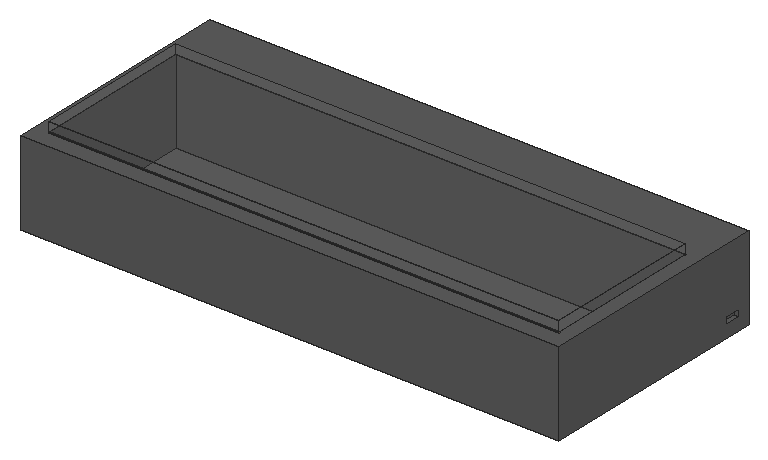
Revit family "HVAC_Fireplaces_Regency-Fireplace_Studio-electric-fireplace_ES105-ES135-ES165", category Specialty Equipment, host Face, Revit 2026
Family settings
  Host = Face
  Round Connector Dimension = Use Diameter
  Part Type = Normal
  Classification Number = 23.40.20.34.14
  Enable Cutting in Views = No
  Cut with Voids When Loaded = No
  Maintain Annotation Orientation = No
  Shared = No
  Room Calculation Point = No
Parameters (values of type "ES105")
  Width = 41"
  Voltage = 120 V
  Version = 0
  URL = "https://www.regency-fire.com/en/default.aspx"
  Product data url = "https://www.bimobject.com/regency-fireplace-products/product/es105-electric-fireplace"
  Product Page URL = "https://www.regency-fire.com/en/Products/Electric/Electric-Fireplaces/ES105"
  Product Documentation Link = "https://assets.regency-fire.com/getattachment/8596dfbb-42a2-4033-b8a0-4e5d4c6f2b9c/Studio-ES105-ES135-ES165.aspx"
  Power Factor = 1
  Power Consumption = 1500 W
  Number of Poles = 1
  Model = "ES105"
  Manufacturer = "Regency Fireplace"  # constant formula
  Housing Material = Regency Fireplace - Metal - Black
  Height = 13"  # constant formula
  Frequency = 60 Hz
  Firebed Material [instance] = Regency Fireplace - Wood - Birch Logs Firebed
  Description = "The Studio provides all of these features and so much more to create the perfect ambience at just the touch of a button, with or without the heat."  # constant formula
  Depth = 7.5"  # constant formula
  Default Elevation = 48"
  Frame = 44.25197"
  Date Updated = ""
  Date Created = ""
  Apparent Load = Power Consumption / Power Factor  # 1500 VA
Types (4): name | Width | Product data url | Product Page URL | Model | Frame
  (no name) | 41" | "https://www.bimobject.com/regency-fireplace-products/product/es105-electric-fireplace" | "https://www.regency-fire.com/en/Products/Electric/Electric-Fireplaces/ES105" | "ES105" | 44.25197"
  ES105 | 41" | "https://www.bimobject.com/regency-fireplace-products/product/es105-electric-fireplace" | "https://www.regency-fire.com/en/Products/Electric/Electric-Fireplaces/ES105" | "ES105" | 44.25197"
  ES135 | 53" | "https://www.bimobject.com/regency-fireplace-products/product/es135-electric-fireplace" | "https://www.regency-fire.com/en/Products/Electric/Electric-Fireplaces/ES135" | "ES135" | 56.06299"
  ES165 | 65" | "https://www.bimobject.com/regency-fireplace-products/product/es165-electric-fireplace" | "https://www.regency-fire.com/en/Products/Electric/Electric-Fireplaces/ES165" | "ES165" | 65.43307"
Reference planes (in)
  plane 1 "Center (Front/Back)": y = 0
  plane 2: z = 0
  plane 3 "Center (Left/Right)": x = 0
  plane 4: x = -22.12598
  plane 5: x = 22.12598
Forms (in)
  Extrusion 1, solid, material "Regency Fireplace - Metal - Black" <- "Housing Material"
    sketch origin (0, 0, 0) x (1, 0, 0) y (0, 1, 0)
      loop
        line (-22.12598, 0) -> (22.12598, 0) -> (22.12598, 19.44882) -> (-22.12598, 19.44882) -> (-22.12598, 0)
      loop
        line (-20.94488, 1.49606) -> (20.94488, 1.49606) -> (20.94488, 14.48819) -> (-20.94488, 14.48819) -> (-20.94488, 1.49606)
    from -7.71654 to -0.82677
  Extrusion 2, void
    sketch origin (0, 0, 0) x (1, 0, 0) y (0, 1, 0)
      loop
        line (-20.94488, 14.48819) -> (-20.94488, 1.49606) -> (20.94488, 1.49606) -> (20.94488, 14.48819) -> (-20.94488, 14.48819)
    from -7.71654 to 0
  Extrusion 3, solid, material "Regency Fireplace - Glass - Clear"
    sketch origin (0, 0, 0) x (1, 0, 0) y (0, 1, 0)
      loop
        line (-20.94488, 14.48819) -> (-20.94488, 1.49606) -> (20.94488, 1.49606) -> (20.94488, 14.48819) -> (-20.94488, 14.48819)
    from -0.82677 to 0
  Sweep 4, solid, material "Regency Fireplace - Wood - Birch Logs Firebed" <- "Firebed Material"
    path origin (0, 0, 0) x (1, 0, 0) y (0, 1, 0)
      loop
        line (-20.94488, 1.49606) -> (20.94488, 1.49606)
    profile origin (0, 1.49606, 0) x (0, 1, 0) y (0, 0, 1)
      loop
        line (0, -0.82677) -> (0, -7.71654) -> (0.07874, -7.71654) -> (0.07874, -0.82677) -> (0, -0.82677)
  Extrusion 5, void
    sketch origin (0, 0, 0) x (1, 0, 0) y (0, 1, 0)
      loop
        line (-22.12598, 19.44882) -> (-22.12598, 0) -> (22.12598, 0) -> (22.12598, 19.44882) -> (-22.12598, 19.44882)
    from -7.71654 to -0.82677
  Sweep 6, solid, material "Regency Fireplace - Metal - Black"
    path origin (0, 0, 0) x (1, 0, 0) y (0, 1, 0)
      loop
        line (-20.94488, 1.49606) -> (20.94488, 1.49606)
    profile origin (0, 1.49606, 0) x (0, 1, 0) y (0, 0, 1)
      loop
        line (0, -7.6378) -> (0, -7.71654) -> (12.99213, -7.71654) -> (12.99213, -7.6378) -> (0, -7.6378)
  Extrusion 7, void
    sketch origin (22.12598, 0, 0) x (0, 1, 0) y (0, 0, 1)
      loop
        line (17.12417, -6.12956) -> (17.12417, -6.72011) -> (18.50213, -6.72011) -> (18.50213, -6.12956) -> (17.12417, -6.12956)
    from -0.40678 to 0
Cuts and joins
  Extrusion 7 cuts Extrusion 1
Lines and regions (in)
  Masking region 1
    outline origin (0, 0, 0) x (1, 0, 0) y (0, 1, 0)
      loop
        line (-22.12598, 19.44882) -> (-22.12598, 0) -> (22.12598, 0) -> (22.12598, 19.44882) -> (-22.12598, 19.44882)
  Masking region 2
    outline origin (0, 0, 0) x (1, 0, 0) y (0, 1, 0)
      loop
        line (-20.94488, 14.48819) -> (-20.94488, 1.5748) -> (20.94488, 1.5748) -> (20.94488, 14.48819) -> (-20.94488, 14.48819)
  Masking region 3
    outline origin (0, 0, 0) x (1, 0, 0) y (0, 0, 1)
      loop
        line (22.12598, -7.71654) -> (22.12598, 0) -> (-22.12598, 0) -> (-22.12598, -7.71654) -> (22.12598, -7.71654)
Dimensions and locks (in)
  "Frame": plane 4 to plane 5
  equal spacing: plane 4, plane 3 "Center (Left/Right)", plane 5
  locked: Extrusion 1 sketch curve to Extrusion 1 sketch curve at 1.1811  (x2)
  locked: Sweep 4 sketch curve to plane 5 at 1.1811
  locked: plane 4 to Sweep 4 sketch curve at 1.1811
  locked: plane 4 to Sweep 6 sketch curve at 1.1811
  locked: Sweep 6 sketch curve to plane 5 at 1.1811
  aligned and locked: plane 2 to host face
  aligned and locked: level to host face
  aligned and locked: Extrusion 5 sketch curve to plane 5
  aligned and locked: plane 4 to Extrusion 5 sketch curve
  aligned and locked: plane 4 to Masking region 1 sketch curve
  aligned and locked: Masking region 1 sketch curve to plane 5
  aligned and locked: plane 5 to Masking region 3 sketch curve
  aligned and locked: Masking region 3 sketch curve to plane 4
Automatic sketch dimensions
  host sketch curve to host sketch curve = 96"  (x2)
  plane 1 "Center (Front/Back)" to Extrusion 1 sketch curve = 0"
  Extrusion 1 sketch curve to plane 1 "Center (Front/Back)" = 1.49606"
  Extrusion 1 sketch curve to Extrusion 1 sketch curve = 12.99213"
  Extrusion 1 sketch curve to Extrusion 1 sketch curve = 4.96063"
  plane 4 to Extrusion 2 sketch curve = 1.1811"
  Extrusion 2 sketch curve to plane 5 = 1.1811"
  Extrusion 2 sketch curve to plane 1 "Center (Front/Back)" = 1.49606"
  Extrusion 2 sketch curve to Extrusion 2 sketch curve = 12.99213"
  plane 4 to Extrusion 3 sketch curve = 1.1811"
  Extrusion 3 sketch curve to plane 5 = 1.1811"
  Extrusion 3 sketch curve to plane 1 "Center (Front/Back)" = 1.49606"
  Extrusion 3 sketch curve to Extrusion 3 sketch curve = 12.99213"
  Extrusion 1 sketch curve to plane 4 = 0"
  Extrusion 1 sketch curve to plane 5 = 0"
  Sweep 4 sketch curve to plane 1 "Center (Front/Back)" = 1.49606"
  Sweep 4 sketch curve to profile plane = 0"
  Sweep 4 sketch curve to level = 0.82677"
  Sweep 4 sketch curve to profile plane = 0.07874"
  Sweep 4 sketch curve to Sweep 4 sketch curve = 6.88976"
  plane 1 "Center (Front/Back)" to Extrusion 5 sketch curve = 0"
  Extrusion 5 sketch curve to plane 1 "Center (Front/Back)" = 19.44882"
  Sweep 6 sketch curve to plane 1 "Center (Front/Back)" = 1.49606"
  Sweep 6 sketch curve to profile plane = 0"
  Sweep 6 sketch curve to profile plane = 12.99213"
  Sweep 6 sketch curve to level = 7.71654"
  Sweep 6 sketch curve to level = 7.6378"
  Extrusion 1 to Extrusion 7 sketch curve = 0.99642"
  Extrusion 7 sketch curve to Extrusion 1 = 2.32464"
  Extrusion 7 sketch curve to Extrusion 1 = 0.94669"
  Extrusion 7 sketch curve to Extrusion 7 sketch curve = 0.59055"
  plane 1 "Center (Front/Back)" to Masking region 1 sketch curve = 0"
  Masking region 1 sketch curve to plane 1 "Center (Front/Back)" = 19.44882"
  plane 4 to Masking region 2 sketch curve = 1.1811"
  Masking region 2 sketch curve to plane 5 = 1.1811"
  Masking region 2 sketch curve to plane 1 "Center (Front/Back)" = 1.5748"
  Masking region 2 sketch curve to Masking region 2 sketch curve = 12.91339"
  Masking region 3 sketch curve to level = 0"
  Masking region 3 sketch curve to Masking region 3 sketch curve = 7.71654"
Connectors (in)
  electrical at (21.7192, 17.81315, -6.42484), driven by "Number of Poles", driven by "Voltage", driven by "Apparent Load", driven by "Power Factor"
    settings: on cut or joined group of Extrusion 1, Extrusion 7, index 1, voltage 120 V, apparent load 0 VA, apparent load phase1 1500 VA, apparent load phase2 0 VA, apparent load phase3 0 VA, power factor 1, load classification "Other", number of poles 1, system type 31, power factor state 1, is connector primary yes, connector utility no, sub classification motor no, connector description "120V, Power connector"
